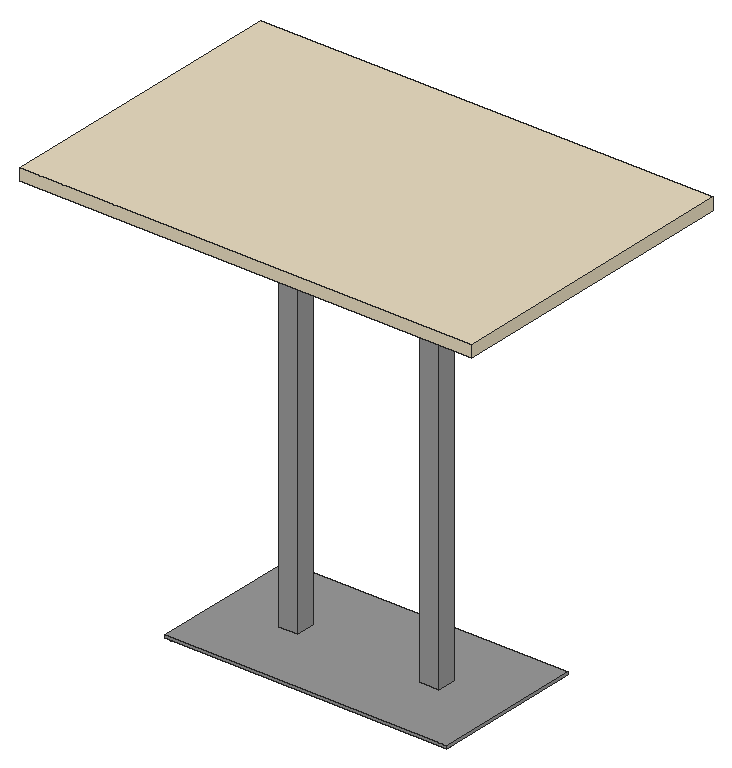
Revit family "FU_Table_Sandler_596AT-XT", category Furniture, Revit 2020
Family settings
  OmniClass Number = 23.40.20.00
  OmniClass Title = General Furniture and Specialties
  Work Plane-Based = No
  Always vertical = Yes
  Cut with Voids When Loaded = No
  Shared = No
  Room Calculation Point = No
Parameters (values of type "596AT-MT - 32x48" Top (80x120cm)")
  Width = 750 mm
  URL = "https://www.sandlerseating.com/product/596at-mt/"
  Top Size = FU_TableTops_MT Sqr : 32x48" Top (80x120cm)
  Top Finish [instance] = Wood - Beech - Honey Stained
  Model = "596AT-MT"
  Manufacturer = "Sandler"
  Height = 1100 mm
  Frame Finish [instance] = Metal - Steel - Polished
  Elevation = Height  # 1100 mm
  Description = "Double column table base in stainless steel."
  Depth = 400 mm
  Default Elevation = 0 mm
Types (4, lengths in mm): name | Top Size | Frame Finish
  596AT-MT - 28x48" Top (70x120cm) | FU_TableTops_MT Sqr : 28x48" Top (70x120cm) | Metal - Steel - Polished
  596AT-MT - 28x51" Top (70x130cm) | FU_TableTops_MT Sqr : 28x52" Top (70x130cm) | Metal - Steel - Matt-Satin
  596AT-MT - 32x48" Top (80x120cm) | FU_TableTops_MT Sqr : 32x48" Top (80x120cm) | Metal - Steel - Polished
  596AT-MT - 32x51" Top (80x130cm) | FU_TableTops_MT Sqr : 32x52" Top (80x130cm) | Metal - Steel - Polished
Reference planes
  plane 1 "Center (Front/Back)": y = 0
  plane 2: z = 0
  plane 3 "Center (Left/Right)": x = 0
  plane 4 "Right": x = -375
  plane 5 "Left": x = 375
  plane 6 "Back": y = 200
  plane 7 "Front": y = -200
  plane 8 "Height": z = 1100
  plane 9 "Glide height": z = 4
  plane 10 "LG H": y = 185.83
  plane 11: x = -360.83
  plane 12: x = -187.5
Forms (mm)
  Extrusion 1, solid, material "Metal - Steel - Polished" <- "Frame Finish"
    sketch origin (0, 0, 4) x (-1, 0, 0) y (0, -1, 0)
      loop
        line (375, -200) -> (375, 200) -> (-375, 200) -> (-375, -200) -> (375, -200)
    from 0 to 6
  Revolve 2, solid, material "Rubber, Black"
    sketch origin (0, 185.83, 0) x (-1, 0, 0) y (0, 0, 1)
      loop
        line (372.33, 4) -> (360.83, 4) -> (360.83, 0) -> (370.33, 0)
        arc (370.33, 0) -> (371.744, 0.586) -> (372.33, 2) r 2
        line (372.33, 2) -> (372.33, 4)
      axis (360.83, 4) -> (360.83, 0)
    angle from 0 to 360
  Revolve 3, solid, material "Rubber, Black"
    sketch origin (0, 185.83, 0) x (1, 0, 0) y (0, 0, 1)
      loop
        line (372.33, 4) -> (362.33, 4) -> (362.33, 0) -> (370.33, 0)
        arc (370.33, 0) -> (371.744, 0.586) -> (372.33, 2) r 2
        line (372.33, 2) -> (372.33, 4)
      axis (362.33, 4) -> (362.33, 0)
    angle from 0 to 360
  Revolve 4, solid, material "Rubber, Black"
    sketch origin (0, -185.83, 0) x (-1, 0, 0) y (0, 0, -1)
      loop
        line (372.33, -4) -> (372.33, -2)
        arc (372.33, -2) -> (371.744, -0.586) -> (370.33, 0) r 2
        line (370.33, 0) -> (360.83, 0) -> (360.83, -4) -> (372.33, -4)
      axis (360.83, -4) -> (360.83, 0)
    angle from 0 to 360
  Revolve 5, solid, material "Rubber, Black"
    sketch origin (0, -185.83, 0) x (1, 0, 0) y (0, 0, 1)
      loop
        line (372.33, 4) -> (362.33, 4) -> (362.33, 0) -> (370.33, 0)
        arc (370.33, 0) -> (371.744, 0.586) -> (372.33, 2) r 2
        line (372.33, 2) -> (372.33, 4)
      axis (362.33, 4) -> (362.33, 0)
    angle from 0 to 360
  Revolve 6, solid, material "Rubber, Black"
    sketch origin (-360.83, 185.83, 0) x (1, 0, 0) y (0, 0, 1)
      loop
        line (370.83, 4) -> (360.83, 4) -> (360.83, 0) -> (368.83, 0)
        arc (368.83, 0) -> (370.244, 0.586) -> (370.83, 2) r 2
        line (370.83, 2) -> (370.83, 4)
      axis (360.83, 4) -> (360.83, 0)
    angle from 0 to 360
  Revolve 7, solid, material "Rubber, Black"
    sketch origin (-360.83, -185.83, 0) x (1, 0, 0) y (0, 0, 1)
      loop
        line (370.83, 4) -> (360.83, 4) -> (360.83, 0) -> (368.83, 0)
        arc (368.83, 0) -> (370.244, 0.586) -> (370.83, 2) r 2
        line (370.83, 2) -> (370.83, 4)
      axis (360.83, 4) -> (360.83, 0)
    angle from 0 to 360
  Extrusion 8, solid, material "Metal - Steel - Polished" <- "Frame Finish"
    sketch origin (0, 0, 4) x (-1, 0, 0) y (0, -1, 0)
      loop
        line (212.5, -25) -> (212.5, 25) -> (162.5, 25) -> (162.5, -25) -> (212.5, -25)
    from 6 to 1096
  Extrusion 9, solid, material "Metal - Steel - Polished" <- "Frame Finish"
    sketch origin (0, 0, 4) x (1, 0, 0) y (0, 1, 0)
      loop
        line (212.5, 25) -> (162.5, 25) -> (162.5, -25) -> (212.5, -25) -> (212.5, 25)
    from 6 to 1096
  Extrusion 10, solid, material "Metal - Steel - Polished" <- "Frame Finish"
    sketch origin (0, 0, 1100) x (-1, 0, 0) y (0, -1, 0)
      loop
        line (235.5, 44.024) -> (307.236, 117.26)
        arc (307.236, 117.26) -> (304.417, 120.065) -> (301.532, 122.802) r 167.789
        line (301.532, 122.802) -> (227.879, 47.718) -> (147.12, 47.718) -> (73.468, 122.802)
        arc (73.468, 122.802) -> (70.583, 120.065) -> (67.764, 117.26) r 167.789
        line (67.764, 117.26) -> (139.5, 44.024) -> (139.5, -44.024) -> (67.486, -116.038)
        arc (67.486, -116.038) -> (70.298, -118.884) -> (73.177, -121.661) r 166.741
        line (73.177, -121.661) -> (146.556, -48.282) -> (228.444, -48.282) -> (301.823, -121.661)
        arc (301.823, -121.661) -> (304.702, -118.884) -> (307.514, -116.038) r 166.741
        line (307.514, -116.038) -> (235.5, -44.024) -> (235.5, 44.024)
    from -5.84 to -20
  Extrusion 11, solid, material "Metal - Steel - Polished" <- "Frame Finish"
    sketch origin (0, 0, 1100) x (-1, 0, 0) y (0, -1, 0)
      loop
        arc (235.5, 9.198) -> (237.694, 20.46) -> (243.955, 30.074) r 30
        line (243.955, 30.074) -> (342.527, 133.309)
        arc (342.527, 133.309) -> (344.782, 138.939) -> (342.439, 144.533) r 8
        line (342.439, 144.533) -> (329.622, 157.35)
        arc (329.622, 157.35) -> (323.965, 159.693) -> (318.308, 157.35) r 8
        line (318.308, 157.35) -> (219.527, 57.069)
        arc (219.527, 57.069) -> (209.794, 50.566) -> (198.314, 48.282) r 30
        line (198.314, 48.282) -> (176.686, 48.282)
        arc (176.686, 48.282) -> (165.206, 50.566) -> (155.473, 57.069) r 30
        line (155.473, 57.069) -> (56.692, 157.35)
        arc (56.692, 157.35) -> (51.035, 159.693) -> (45.378, 157.35) r 8
        line (45.378, 157.35) -> (32.561, 144.533)
        arc (32.561, 144.533) -> (30.218, 138.939) -> (32.473, 133.309) r 8
        line (32.473, 133.309) -> (131.045, 30.074)
        arc (131.045, 30.074) -> (137.306, 20.46) -> (139.5, 9.198) r 30
        line (139.5, 9.198) -> (139.5, -9.198)
        arc (139.5, -9.198) -> (137.306, -20.46) -> (131.045, -30.074) r 30
        line (131.045, -30.074) -> (32.473, -131.809)
        arc (32.473, -131.809) -> (30.218, -137.439) -> (32.561, -143.033) r 8
        line (32.561, -143.033) -> (45.378, -155.85)
        arc (45.378, -155.85) -> (51.035, -158.193) -> (56.692, -155.85) r 8
        line (56.692, -155.85) -> (155.473, -57.069)
        arc (155.473, -57.069) -> (165.206, -50.566) -> (176.686, -48.282) r 30
        line (176.686, -48.282) -> (198.314, -48.282)
        arc (198.314, -48.282) -> (209.794, -50.566) -> (219.527, -57.069) r 30
        line (219.527, -57.069) -> (318.308, -155.85)
        arc (318.308, -155.85) -> (323.965, -158.193) -> (329.622, -155.85) r 8
        line (329.622, -155.85) -> (342.439, -143.033)
        arc (342.439, -143.033) -> (344.782, -137.439) -> (342.527, -131.809) r 8
        line (342.527, -131.809) -> (243.955, -30.074)
        arc (243.955, -30.074) -> (237.694, -20.46) -> (235.5, -9.198) r 30
        line (235.5, -9.198) -> (235.5, 9.198)
      loop
        line (53.101, -141.055) -> (62.998, -131.158)
        arc (62.998, -131.158) -> (62.998, -125.502) -> (57.342, -125.502) r 3.999
        line (57.342, -125.502) -> (47.445, -135.399)
        arc (47.445, -135.399) -> (47.5, -141.001) -> (53.101, -141.055) r 4
      loop
        arc (321.899, -141.055) -> (327.5, -141.001) -> (327.555, -135.399) r 4
        line (327.555, -135.399) -> (317.658, -125.502)
        arc (317.658, -125.502) -> (312.002, -125.502) -> (312.002, -131.158) r 3.999
        line (312.002, -131.158) -> (321.899, -141.055)
      loop
        arc (53.101, 142.555) -> (47.5, 142.501) -> (47.445, 136.899) r 4
        line (47.445, 136.899) -> (57.342, 127.002)
        arc (57.342, 127.002) -> (62.998, 127.002) -> (62.998, 132.658) r 3.999
        line (62.998, 132.658) -> (53.101, 142.555)
      loop
        line (321.899, 142.555) -> (312.002, 132.658)
        arc (312.002, 132.658) -> (312.002, 127.002) -> (317.658, 127.002) r 3.999
        line (317.658, 127.002) -> (327.555, 136.899)
        arc (327.555, 136.899) -> (327.5, 142.501) -> (321.899, 142.555) r 4
      loop
        circle (187.5, 0) r 7.5
    from -9.84 to 0
  Extrusion 12, solid, material "Metal - Steel - Polished" <- "Frame Finish"
    sketch origin (0, 0, 1100) x (1, 0, 0) y (0, 1, 0)
      loop
        line (235.5, -44.024) -> (235.5, 44.024) -> (309.014, 116.038)
        arc (309.014, 116.038) -> (306.203, 118.919) -> (303.323, 121.732) r 167.824
        line (303.323, 121.732) -> (228.444, 48.282) -> (146.556, 48.282) -> (73.177, 121.661)
        arc (73.177, 121.661) -> (70.298, 118.884) -> (67.486, 116.038) r 166.741
        line (67.486, 116.038) -> (139.5, 44.024) -> (139.5, -44.024) -> (67.764, -117.26)
        arc (67.764, -117.26) -> (70.583, -120.065) -> (73.468, -122.802) r 167.789
        line (73.468, -122.802) -> (147.12, -47.718) -> (227.879, -47.718) -> (303.032, -122.871)
        arc (303.032, -122.871) -> (305.917, -120.1) -> (308.736, -117.26) r 168.862
        line (308.736, -117.26) -> (235.5, -44.024)
    from -5.84 to -20
  Extrusion 13, solid, material "Metal - Steel - Polished" <- "Frame Finish"
    sketch origin (0, 0, 1100) x (1, 0, 0) y (0, 1, 0)
      loop
        line (235.5, -9.198) -> (235.5, 9.198)
        arc (235.5, 9.198) -> (237.694, 20.46) -> (243.955, 30.074) r 30
        line (243.955, 30.074) -> (344.027, 131.809)
        arc (344.027, 131.809) -> (346.282, 137.439) -> (343.939, 143.033) r 8
        line (343.939, 143.033) -> (331.122, 155.85)
        arc (331.122, 155.85) -> (325.465, 158.193) -> (319.808, 155.85) r 8
        line (319.808, 155.85) -> (219.527, 57.069)
        arc (219.527, 57.069) -> (209.794, 50.566) -> (198.314, 48.282) r 30
        line (198.314, 48.282) -> (176.686, 48.282)
        arc (176.686, 48.282) -> (165.206, 50.566) -> (155.473, 57.069) r 30
        line (155.473, 57.069) -> (56.692, 155.85)
        arc (56.692, 155.85) -> (51.035, 158.193) -> (45.378, 155.85) r 8
        line (45.378, 155.85) -> (32.561, 143.033)
        arc (32.561, 143.033) -> (30.218, 137.439) -> (32.473, 131.809) r 8
        line (32.473, 131.809) -> (131.045, 30.074)
        arc (131.045, 30.074) -> (137.306, 20.46) -> (139.5, 9.198) r 30
        line (139.5, 9.198) -> (139.5, -9.198)
        arc (139.5, -9.198) -> (137.306, -20.46) -> (131.045, -30.074) r 30
        line (131.045, -30.074) -> (32.473, -133.309)
        arc (32.473, -133.309) -> (30.218, -138.939) -> (32.561, -144.533) r 8
        line (32.561, -144.533) -> (45.378, -157.35)
        arc (45.378, -157.35) -> (51.035, -159.693) -> (56.692, -157.35) r 8
        line (56.692, -157.35) -> (155.473, -57.069)
        arc (155.473, -57.069) -> (165.206, -50.566) -> (176.686, -48.282) r 30
        line (176.686, -48.282) -> (198.314, -48.282)
        arc (198.314, -48.282) -> (209.794, -50.566) -> (219.527, -57.069) r 30
        line (219.527, -57.069) -> (319.808, -157.35)
        arc (319.808, -157.35) -> (325.465, -159.693) -> (331.122, -157.35) r 8
        line (331.122, -157.35) -> (343.939, -144.533)
        arc (343.939, -144.533) -> (346.282, -138.939) -> (344.027, -133.309) r 8
        line (344.027, -133.309) -> (243.955, -30.074)
        arc (243.955, -30.074) -> (237.694, -20.46) -> (235.5, -9.198) r 30
      loop
        arc (53.101, 141.055) -> (47.5, 141.001) -> (47.445, 135.399) r 4
        line (47.445, 135.399) -> (57.342, 125.502)
        arc (57.342, 125.502) -> (62.998, 125.502) -> (62.998, 131.158) r 3.999
        line (62.998, 131.158) -> (53.101, 141.055)
      loop
        line (323.399, 141.055) -> (313.502, 131.158)
        arc (313.502, 131.158) -> (313.502, 125.502) -> (319.158, 125.502) r 3.999
        line (319.158, 125.502) -> (329.055, 135.399)
        arc (329.055, 135.399) -> (329, 141.001) -> (323.399, 141.055) r 4
      loop
        line (53.101, -142.555) -> (62.998, -132.658)
        arc (62.998, -132.658) -> (62.998, -127.002) -> (57.342, -127.002) r 3.999
        line (57.342, -127.002) -> (47.445, -136.899)
        arc (47.445, -136.899) -> (47.5, -142.501) -> (53.101, -142.555) r 4
      loop
        arc (323.399, -142.555) -> (329, -142.501) -> (329.055, -136.899) r 4
        line (329.055, -136.899) -> (319.158, -127.002)
        arc (319.158, -127.002) -> (313.502, -127.002) -> (313.502, -132.658) r 3.999
        line (313.502, -132.658) -> (323.399, -142.555)
      loop
        circle (187.5, 0) r 7.5
    from -9.84 to 0
Cuts and joins
  joined: Extrusion 1, Extrusion 8, Extrusion 9, Extrusion 10, Extrusion 11, Extrusion 12, Extrusion 13
Dimensions and locks
  equal spacing: plane 4 "Right", plane 3 "Center (Left/Right)", plane 5 "Left"
  "Width": plane 4 "Right" to plane 5 "Left"
  equal spacing: plane 6 "Back", plane 1 "Center (Front/Back)", plane 7 "Front"
  "Depth": plane 6 "Back" to plane 7 "Front"
  "Height": plane 8 "Height" to level
  plane 9 "Glide height" to level = 4 mm
  aligned and locked: level to plane 2
  aligned and locked: plane 8 "Height" to cut or joined group of Extrusion 1, Extrusion 8, Extrusion 9, Extrusion 10, Extrusion 11, Extrusion 12, Extrusion 13  (x2)
Automatic sketch dimensions
  Extrusion 1 sketch curve to plane 5 "Left" = 0 mm
  Extrusion 1 sketch curve to plane 4 "Right" = 0 mm
  Extrusion 1 sketch curve to plane 6 "Back" = 0 mm
  Extrusion 1 sketch curve to plane 7 "Front" = 0 mm
  Revolve 2 sketch curve to plane 9 "Glide height" = 0 mm  (x2)
  plane 11 to Revolve 2 sketch curve = 0 mm  (x2)
  Revolve 2 sketch curve to level = 0 mm
  level to Revolve 2 sketch curve = 2 mm
  Revolve 2 sketch curve to plane 4 "Right" = 4.67 mm
  Revolve 2 sketch curve to level = 1.303 mm
  Revolve 3 sketch curve to plane 9 "Glide height" = 0 mm  (x2)
  Revolve 3 sketch curve to level = 0 mm
  Revolve 3 sketch curve to plane 5 "Left" = 12.67 mm
  Revolve 3 sketch curve to level = 2 mm
  Revolve 3 sketch curve to plane 5 "Left" = 4.67 mm
  Revolve 3 sketch curve to Revolve 3 sketch curve = 0 mm
  Revolve 3 sketch curve to Revolve 3 sketch curve = 1.303 mm
  Revolve 4 sketch curve to plane 9 "Glide height" = 0 mm  (x2)
  plane 11 to Revolve 4 sketch curve = 0 mm  (x2)
  Revolve 4 sketch curve to level = 0 mm
  level to Revolve 4 sketch curve = 2 mm
  Revolve 4 sketch curve to plane 4 "Right" = 4.67 mm
  Revolve 4 sketch curve to level = 1.303 mm
  Revolve 5 sketch curve to plane 9 "Glide height" = 0 mm  (x2)
  Revolve 5 sketch curve to level = 0 mm
  plane 5 "Left" to Revolve 5 sketch curve = 12.67 mm
  level to Revolve 5 sketch curve = 2 mm
  plane 5 "Left" to Revolve 5 sketch curve = 4.67 mm
  Revolve 5 sketch curve to Revolve 5 sketch curve = 0 mm
  Revolve 5 sketch curve to Revolve 5 sketch curve = 1.303 mm
  Revolve 6 sketch curve to plane 9 "Glide height" = 0 mm  (x2)
  Revolve 6 sketch curve to level = 0 mm
  plane 3 "Center (Left/Right)" to Revolve 6 sketch curve = 0 mm
  Revolve 6 sketch curve to level = 2 mm
  Revolve 6 sketch curve to plane 3 "Center (Left/Right)" = 8 mm
  Revolve 6 sketch curve to Revolve 6 sketch curve = 0 mm
  Revolve 6 sketch curve to Revolve 6 sketch curve = 1.303 mm
  Revolve 7 sketch curve to plane 9 "Glide height" = 0 mm  (x2)
  Revolve 7 sketch curve to level = 0 mm
  Revolve 7 sketch curve to plane 3 "Center (Left/Right)" = 0 mm
  level to Revolve 7 sketch curve = 2 mm
  plane 3 "Center (Left/Right)" to Revolve 7 sketch curve = 8 mm
  Revolve 7 sketch curve to Revolve 7 sketch curve = 0 mm
  Revolve 7 sketch curve to Revolve 7 sketch curve = 1.303 mm
  Extrusion 8 sketch curve to plane 12 = 25 mm
  Extrusion 8 sketch curve to plane 1 "Center (Front/Back)" = 25 mm
  plane 1 "Center (Front/Back)" to Extrusion 9 sketch curve = 25 mm
  Extrusion 9 sketch curve to plane 3 "Center (Left/Right)" = 162.5 mm
  Extrusion 10 sketch curve to Extrusion 10 sketch curve = 0 mm  (x12)
  Extrusion 10 sketch curve to plane 12 = 0 mm
  Extrusion 10 sketch curve to plane 12 = 40.38 mm
  Extrusion 10 sketch curve to plane 12 = 40.944 mm
  Extrusion 10 sketch curve to Extrusion 10 sketch curve = 7.056 mm  (x2)
  Extrusion 10 sketch curve to plane 3 "Center (Left/Right)" = 73.468 mm
  Extrusion 10 sketch curve to plane 3 "Center (Left/Right)" = 73.177 mm
  Extrusion 10 sketch curve to Extrusion 10 sketch curve = 5.704 mm  (x2)
  Extrusion 10 sketch curve to Extrusion 10 sketch curve = 5.691 mm  (x2)
  plane 12 to Extrusion 10 sketch curve = 40.38 mm
  plane 12 to Extrusion 10 sketch curve = 40.944 mm
  Extrusion 10 sketch curve to plane 11 = 59.298 mm
  Extrusion 10 sketch curve to plane 11 = 59.007 mm
  Extrusion 10 sketch curve to plane 10 "LG H" = 64.169 mm  (x2)
  Extrusion 10 sketch curve to Extrusion 10 sketch curve = 5.623 mm
  Extrusion 10 sketch curve to plane 1 "Center (Front/Back)" = 48.282 mm
  Extrusion 10 sketch curve to Extrusion 10 sketch curve = 4.258 mm  (x2)
  plane 1 "Center (Front/Back)" to Extrusion 10 sketch curve = 44.024 mm  (x2)
  Extrusion 10 sketch curve to Extrusion 10 sketch curve = 3.693 mm
  plane 7 "Front" to Extrusion 10 sketch curve = 82.74 mm  (x2)
  plane 1 "Center (Front/Back)" to Extrusion 11 sketch curve = 0 mm
  Extrusion 11 sketch curve to plane 12 = 0 mm
  Extrusion 11 sketch curve to plane 12 = 10.814 mm  (x2)
  Extrusion 11 sketch curve to Extrusion 11 sketch curve = 21.213 mm  (x5)
  plane 1 "Center (Front/Back)" to Extrusion 11 sketch curve = 9.198 mm  (x2)
  Extrusion 11 sketch curve to plane 12 = 48 mm
  Extrusion 11 sketch curve to plane 1 "Center (Front/Back)" = 30.074 mm  (x2)
  Extrusion 11 sketch curve to Extrusion 11 sketch curve = 8.455 mm  (x4)
  plane 1 "Center (Front/Back)" to Extrusion 11 sketch curve = 30.074 mm  (x2)
  Extrusion 11 sketch curve to plane 1 "Center (Front/Back)" = 9.198 mm  (x2)
  Extrusion 11 sketch curve to plane 3 "Center (Left/Right)" = 62.998 mm  (x2)
  Extrusion 11 sketch curve to Extrusion 11 sketch curve = 2.828 mm  (x12)
  Extrusion 11 sketch curve to Extrusion 11 sketch curve = 6.306 mm  (x4)
  Extrusion 11 sketch curve to Extrusion 11 sketch curve = 9.897 mm  (x8)
  Extrusion 11 sketch curve to Extrusion 11 sketch curve = 5.657 mm  (x18)
  Extrusion 11 sketch curve to Extrusion 11 sketch curve = 2.773 mm  (x6)
  Extrusion 11 sketch curve to Extrusion 11 sketch curve = 2.883 mm  (x6)
  Extrusion 11 sketch curve to plane 10 "LG H" = 29.98 mm  (x2)
  Extrusion 11 sketch curve to Extrusion 11 sketch curve = 9.227 mm  (x4)
  Extrusion 11 sketch curve to Extrusion 11 sketch curve = 5.745 mm  (x4)
  plane 12 to Extrusion 11 sketch curve = 10.814 mm  (x2)
  plane 12 to Extrusion 11 sketch curve = 48 mm
  Extrusion 11 sketch curve to plane 11 = 48.828 mm  (x2)
  Extrusion 11 sketch curve to Extrusion 11 sketch curve = 12.817 mm  (x2)
  Extrusion 11 sketch curve to Extrusion 11 sketch curve = 9.138 mm  (x4)
  Extrusion 11 sketch curve to Extrusion 11 sketch curve = 48.208 mm
  Extrusion 11 sketch curve to Extrusion 11 sketch curve = 0 mm
  plane 1 "Center (Front/Back)" to Extrusion 11 sketch curve = 48.282 mm
  Extrusion 11 sketch curve to Extrusion 11 sketch curve = 8.787 mm  (x2)
  plane 7 "Front" to Extrusion 11 sketch curve = 72.998 mm  (x2)
  Extrusion 11 sketch curve to Extrusion 11 sketch curve = 6.307 mm  (x2)
  Extrusion 11 sketch curve to Extrusion 11 sketch curve = 5.567 mm  (x2)
  Extrusion 12 sketch curve to Extrusion 12 sketch curve = 0 mm  (x12)
  Extrusion 12 sketch curve to plane 3 "Center (Left/Right)" = 67.486 mm
  Extrusion 12 sketch curve to plane 3 "Center (Left/Right)" = 67.764 mm
  Extrusion 12 sketch curve to Extrusion 12 sketch curve = 5.691 mm  (x2)
  Extrusion 12 sketch curve to Extrusion 12 sketch curve = 5.704 mm  (x2)
  plane 1 "Center (Front/Back)" to Extrusion 12 sketch curve = 44.024 mm  (x2)
  Extrusion 12 sketch curve to Extrusion 12 sketch curve = 72.014 mm
  plane 1 "Center (Front/Back)" to Extrusion 12 sketch curve = 48.282 mm
  Extrusion 12 sketch curve to Extrusion 12 sketch curve = 7.056 mm  (x2)
  Extrusion 12 sketch curve to plane 1 "Center (Front/Back)" = 47.718 mm
  Extrusion 12 sketch curve to Extrusion 12 sketch curve = 7.62 mm
  plane 1 "Center (Front/Back)" to Extrusion 12 sketch curve = 0.282 mm
  Extrusion 12 sketch curve to Extrusion 12 sketch curve = 40.38 mm  (x2)
  Extrusion 12 sketch curve to Extrusion 12 sketch curve = 40.944 mm
  Extrusion 12 sketch curve to plane 5 "Left" = 71.968 mm
  Extrusion 12 sketch curve to plane 5 "Left" = 71.677 mm
  plane 10 "LG H" to Extrusion 12 sketch curve = 69.792 mm  (x2)
  Extrusion 12 sketch curve to Extrusion 12 sketch curve = 3.693 mm  (x2)
  Extrusion 12 sketch curve to plane 7 "Front" = 82.74 mm  (x2)
  plane 1 "Center (Front/Back)" to Extrusion 13 sketch curve = 0 mm
  Extrusion 13 sketch curve to plane 3 "Center (Left/Right)" = 32.473 mm  (x2)
  Extrusion 13 sketch curve to Extrusion 13 sketch curve = 0.089 mm  (x2)
  Extrusion 13 sketch curve to Extrusion 13 sketch curve = 5.745 mm  (x4)
  Extrusion 13 sketch curve to Extrusion 13 sketch curve = 12.817 mm  (x4)
  Extrusion 13 sketch curve to Extrusion 13 sketch curve = 9.227 mm  (x4)
  Extrusion 13 sketch curve to Extrusion 13 sketch curve = 2.883 mm  (x6)
  Extrusion 13 sketch curve to Extrusion 13 sketch curve = 5.657 mm  (x16)
  Extrusion 13 sketch curve to Extrusion 13 sketch curve = 2.773 mm  (x6)
  plane 10 "LG H" to Extrusion 13 sketch curve = 29.98 mm  (x2)
  Extrusion 13 sketch curve to Extrusion 13 sketch curve = 9.897 mm  (x8)
  Extrusion 13 sketch curve to Extrusion 13 sketch curve = 2.828 mm  (x12)
  plane 1 "Center (Front/Back)" to Extrusion 13 sketch curve = 9.198 mm  (x2)
  Extrusion 13 sketch curve to plane 3 "Center (Left/Right)" = 109.5 mm
  Extrusion 13 sketch curve to Extrusion 13 sketch curve = 0 mm
  Extrusion 13 sketch curve to plane 1 "Center (Front/Back)" = 30.074 mm  (x2)
  Extrusion 13 sketch curve to Extrusion 13 sketch curve = 21.545 mm  (x2)
  plane 1 "Center (Front/Back)" to Extrusion 13 sketch curve = 30.074 mm  (x2)
  Extrusion 13 sketch curve to plane 1 "Center (Front/Back)" = 57.069 mm  (x2)
  Extrusion 13 sketch curve to Extrusion 13 sketch curve = 24.427 mm  (x2)
  plane 1 "Center (Front/Back)" to Extrusion 13 sketch curve = 57.069 mm  (x2)
  Extrusion 13 sketch curve to Extrusion 13 sketch curve = 21.213 mm  (x5)
  Extrusion 13 sketch curve to Extrusion 13 sketch curve = 48 mm  (x2)
  Extrusion 13 sketch curve to Extrusion 13 sketch curve = 21.628 mm  (x2)
  Extrusion 13 sketch curve to plane 1 "Center (Front/Back)" = 9.198 mm
  Extrusion 13 sketch curve to Extrusion 13 sketch curve = 8.455 mm  (x2)
  Extrusion 13 sketch curve to plane 5 "Left" = 61.498 mm  (x2)
  Extrusion 13 sketch curve to Extrusion 13 sketch curve = 6.306 mm  (x2)
  Extrusion 13 sketch curve to Extrusion 13 sketch curve = 9.138 mm  (x4)
  Extrusion 13 sketch curve to Extrusion 13 sketch curve = 8.787 mm
  Extrusion 13 sketch curve to plane 7 "Front" = 72.998 mm  (x2)
  Extrusion 13 sketch curve to Extrusion 13 sketch curve = 6.307 mm  (x2)
  Extrusion 13 sketch curve to Extrusion 13 sketch curve = 5.567 mm  (x2)
  plane 12 to Extrusion 8 sketch curve = 25 mm
  plane 1 "Center (Front/Back)" to Extrusion 8 sketch curve = 25 mm
  Extrusion 9 sketch curve to Extrusion 9 sketch curve = 50 mm
  Extrusion 9 sketch curve to plane 1 "Center (Front/Back)" = 25 mm
  radius of Extrusion 11 sketch curve = 7.5 mm
  radius of Extrusion 13 sketch curve = 7.5 mm
Nested families
  nested 1: "FU_TableTops_MT Sqr" at (0, 0, 0), Top Elevation <- "Elevation", Top Finish <- "Top Finish", type <- "Top Size", type "32x48" Top (80x120cm)"
    with Top Finish Wood - Beech - Honey Stained, Top Elevation 1100 mm
Definition of nested family "FU_TableTops_MT Sqr"
  Parameters (values of type "24x48" Top (60x120cm)")
    Width = 1200 mm
    Top Finish [instance] = none
    Top Elevation [instance] = 1100 mm
    Depth = 600 mm
    Default Elevation = 0 mm
  Types (16, lengths in mm): name | Width | Depth
    28x48" Top (70x120cm) | 1200 | 700
    28x52" Top (70x130cm) | 1300 | 700
    32x48" Top (80x120cm) | 1200 | 800
    32x52" Top (80x130cm) | 1300 | 800
    28x55" Top (70x140cm) | 1400 | 700
    32x55" Top (80x140cm) | 1400 | 800
    24" Square (60cm) | 600 | 600
    28" Square (70cm) | 700 | 700
    32" Square (80cm) | 800 | 800
    36" Square (90cm) | 900 | 900
    40" Square (100cm) | 1000 | 1000
    44" Square (110cm) | 1100 | 1100
    28x44" Top (70x110cm) | 1100 | 700
    24x40" Top (60x100cm) | 1000 | 600
    24x44" Top (60x110cm) | 1100 | 600
    24x48" Top (60x120cm) | 1200 | 600
  Reference planes
    plane 1 "Center (Front/Back)": y = 0
    plane 2: z = 0
    plane 3 "Center (Left/Right)": x = 0
    plane 4 "Right": x = -600
    plane 5 "Left": x = 600
    plane 6 "Back": y = 300
    plane 7 "Front": y = -300
    plane 8 "Elevation": z = 1100
    plane 9 "Top Height": z = 1131.75
  Forms (mm)
    Extrusion 1, solid, material <- "Top Finish"
      sketch origin (0, 0, 1100) x (-1, 0, 0) y (0, -1, 0)
        loop
          line (600, -300) -> (600, 300) -> (-600, 300) -> (-600, -300) -> (600, -300)
      from 0 to 31.75
  Dimensions and locks
    equal spacing: plane 4 "Right", plane 3 "Center (Left/Right)", plane 5 "Left"
    "Width": plane 4 "Right" to plane 5 "Left"
    equal spacing: plane 6 "Back", plane 1 "Center (Front/Back)", plane 7 "Front"
    "Depth": plane 6 "Back" to plane 7 "Front"
    "Top Elevation": plane 8 "Elevation" to level
    locked: plane 9 "Top Height" to plane 8 "Elevation" at 31.75
    aligned and locked: level to plane 2
    aligned and locked: Extrusion 1 sketch curve to plane 6 "Back"
    aligned and locked: Extrusion 1 sketch curve to plane 4 "Right"
    aligned and locked: plane 7 "Front" to Extrusion 1 sketch curve
    aligned and locked: plane 5 "Left" to Extrusion 1 sketch curve
    aligned and locked: Extrusion 1 to plane 8 "Elevation"
    aligned and locked: plane 8 "Elevation" to Extrusion 1  (x2)
    aligned and locked: plane 9 "Top Height" to Extrusion 1
    aligned and locked: Extrusion 1 to plane 9 "Top Height"
